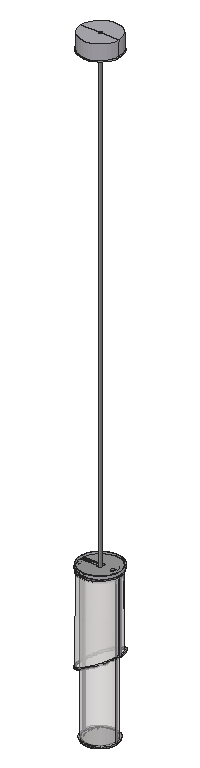
Revit family "Lighting - Lumetta - Pendant - P600", category Lighting Fixtures, host Ceiling, Revit 2015
Parameters
  Wattage = 11.7117 W
  built-in parameter 1150110 = 1 (stored number, unit not read)
  URL = "https://lumetta.com/luminaires/telescope-23-pendant/"
  Type Comments = "Telescope 23'' Pendant"  # constant formula
  built-in parameter 1114217 = 1 (stored number, unit not read)
  Top-Bottom Lens Radius [instance] = Fixture Radius - 0' 0 5/32"  # 0' - 2 29/32"
  Top Lens-Material [instance] = Acrylic - 2447 - White
  Top Lens [instance] = yes
  built-in parameter 1150109 = 1 (stored number, unit not read)
  built-in parameter 1150134 = (empty or 0)
  Suspension [instance] = 2
  built-in parameter 1150113 = 1 (stored number, unit not read)
  Stem Hung-ALL Lamping [instance] = Suspension = 4  # no
  P600 URL [instance] = "https://lumetta.com/luminaires/telescope-23-pendant/"
  Light Source Symbol Size = 0' - 1"
  Inner Diffuser Material [instance] = Shade - Lumetta - D61 - MT_White
  Fixture Radius [instance] = 0' - 3 1/16"
  Fixture Diameter [instance] = 2 * Fixture Radius  # 0' - 6 1/8"
  Coupling-Stems Over 60 inches [instance] = and([Stem Hung-ALL Lamping], Fixture Drop > 5' 0")  # no
  Model = "P600"  # constant formula
  Manufacturer = "Lumetta, Inc."  # constant formula
  Lumens = 1300 lm
  built-in parameter 1150115 = 1 (stored number, unit not read)
  built-in parameter 1150105 = 103.45 (stored number, unit not read)
  built-in parameter 1150137 = (empty or 0)
  built-in parameter 1150139 = (empty or 0)
  built-in parameter 1150112 = 1 (stored number, unit not read)
  built-in parameter 1150114 = 1 (stored number, unit not read)
  built-in parameter 1150132 = 1
  built-in parameter 1150102 = (empty or 0)
  built-in parameter 1150138 = (empty or 0)
  built-in parameter 1150107 = 3000 (stored number, unit not read)
  built-in parameter 1150106 = 1.0345 (stored number, unit not read)
  Frame Finish [instance] = Paint - Lumetta - F02 - PC_Chrome
  Fixture Height [instance] = 1' - 11"
  Fixture Drop [instance] = 6' - 0"
  built-in parameter 1150104 = 10.312 (stored number, unit not read)
  Dimming Lamp Color Temperature Shift = (empty or 0)
  Outer Diffuser Material [instance] = Shade - Lumetta - D61 - MT_White
  Description = "Telescope 23'' Pendant"  # constant formula
  Cord Hung-STD and 3-4 Wire CFL [instance] = or(Suspension = 1, Suspension = 3)  # no
  Cord Hung-3-4 Wire CFL [instance] = Suspension = 3  # no
  Cord Hung-ALL [instance] = not(Suspension = 4)  # yes
  Bottom Lens-Material [instance] = Acrylic - P95 - Etched White
  Bottom Lens [instance] = yes
  CRD-STM 3-4-Dim-LED [instance] = or([Cord Hung-LED], Suspension = 4)  # yes
  Cord Hung-STD [instance] = Suspension = 1  # no
  Cord Hung-LED [instance] = Suspension = 2  # yes
  Cord Color [instance] = Cord, Black
  Color Filter = 16777215
  built-in parameter 1114218 = 1 (stored number, unit not read)
  built-in parameter 1150133 = 10 (stored number, unit not read)
Reference planes (in)
  plane 1 "Light Source Axis (F/B)": y = 0
  plane 2 "Ceiling": z = 96
  plane 3 "Light Source Axis (L/R)": x = 0
  plane 4 "Light Source Elevation": z = 21.5
  plane 5 "Fixture-Top": z = 24
  plane 6 "Fixture-Radius": x = 3.0625
  plane 7 "Fixture-Height": z = 1
  plane 8: y = 0
  plane 9: x = 1.9375
  plane 10 "Outer BTM-Flat Plane": z = 10.44187
Forms (in)
  Revolve 1, solid, material "Paint - Lumetta - F02 - PC_Chrome" <- "Frame Finish", visible <- "Cord Hung-STD and 3-4 Wire CFL"
    sketch origin (0, 0, 0) x (1, 0, 0) y (0, 0, 1)
      loop
        line (0, 96) -> (0, 95.4375) -> (3, 95.4375) -> (3, 95.5) -> (2.87509, 95.5) -> (2.87509, 96) -> (0, 96)
      axis (0, 96) -> (0, 95.4375)
    angle from 0 to 360
  Extrusion 2, solid, material "Paint - Lumetta - F02 - PC_Chrome" <- "Frame Finish", visible <- "Stem Hung-ALL Lamping"
    sketch origin (0, 0, 24) x (0, -1, 0) y (-1, 0, 0)
      loop
        circle (0, 0) r 0.25
    from 0.05815 to -72
  Revolve 3, solid, material "Paint - Lumetta - F02 - PC_Chrome" <- "Frame Finish", visible <- "Coupling-Stems Over 60 inches"
    sketch origin (0, 0, 0) x (1, 0, 0) y (0, 0, 1)
      loop
        line (0, 86.53023) -> (0, 86) -> (0.26233, 86)
        arc (0.26233, 86) -> (0.31307, 86.05074) -> (0.26233, 86.10149) r 0.05074
        arc (0.26233, 86.10149) -> (0.29304, 86.26499) -> (0.26243, 86.42851) r 0.45126
        arc (0.26243, 86.42851) -> (0.31329, 86.47937) -> (0.26243, 86.53023) r 0.05086
        line (0.26243, 86.53023) -> (0, 86.53023)
      axis (0, 86.53023) -> (0, 86)
    angle from 0 to 360
  Revolve 4, solid, material "Paint - Lumetta - F02 - PC_Chrome" <- "Frame Finish", visible <- "Cord Hung-LED"
    sketch origin (0, 0, 0) x (1, 0, 0) y (0, 0, 1)
      loop
        line (0, 96) -> (0, 93.62498) -> (0.375, 93.62498) -> (0.375, 93.72) -> (3, 93.72) -> (3, 93.78) -> (2.875, 93.78) -> (2.875, 96) -> (0, 96)
      axis (0, 96) -> (0, 93.62498)
    angle from 0 to 360
  Extrusion 5, solid, material "Cord, Black" <- "Cord Color", visible <- "Cord Hung-ALL"
    sketch origin (0, 0, 24) x (0, -1, 0) y (1, 0, 0)
      loop
        circle (0, 0) r 0.15674
    from -0.56254 to 72
  Extrusion 6, solid, material "Paint - Lumetta - F02 - PC_Chrome" <- "Frame Finish"
    sketch origin (0, 0, 24) x (0, -1, 0) y (1, 0, 0)
      loop
        circle (0, 0) r 0.28281
      loop
        line (-2, -1.01186) -> (-1.875, -1.13686) -> (-1.17038, -1.13686)
        arc (-1.17038, -1.13686) -> (-1.06101, -1.16617) -> (-0.98094, -1.24624) r 0.21875
        line (-0.98094, -1.24624) -> (-0.4375, -2.1875) -> (0.4375, -2.1875) -> (0.98094, -1.24624)
        arc (0.98094, -1.24624) -> (1.06101, -1.16617) -> (1.17038, -1.13686) r 0.21875
        line (1.17038, -1.13686) -> (1.875, -1.13686) -> (2, -1.01186) -> (2, 1.01186) -> (1.875, 1.13686) -> (1.17038, 1.13686)
        arc (1.17038, 1.13686) -> (1.06101, 1.16617) -> (0.98094, 1.24624) r 0.21875
        line (0.98094, 1.24624) -> (0.4375, 2.1875) -> (-0.4375, 2.1875) -> (-0.97192, 1.26186)
        arc (-0.97192, 1.26186) -> (-1.06342, 1.17035) -> (-1.18842, 1.13686) r 0.25
        line (-1.18842, 1.13686) -> (-1.875, 1.13686) -> (-2, 1.01186) -> (-2, -1.01186)
      loop
        circle (0, 1.9375) r 0.07846
      loop
        circle (0, -1.9375) r 0.07846
    from -0.05815 to 0
  Revolve 7, solid, material "Paint - Lumetta - F02 - PC_Chrome" <- "Frame Finish", visible <- "Cord Hung-STD"
    sketch origin (0, 0, 0) x (1, 0, 0) y (0, 0, 1)
      loop
        line (0, 95.4375) -> (0, 94.87435) -> (0.28215, 94.87435) -> (0.37481, 95.4375) -> (0, 95.4375)
      axis (0, 95.4375) -> (0, 94.87435)
    angle from 0 to 360
  Revolve 8, solid, material "Paint - Lumetta - F02 - PC_Chrome" <- "Frame Finish", visible <- "CRD-STM 3-4-Dim-LED"
    sketch origin (0, 0, 0) x (1, 0, 0) y (0, 0, 1)
      loop
        line (1.9375, 93.72) -> (1.9375, 93.37095)
        arc (1.9375, 93.37095) -> (2.11821, 93.50953) -> (2.03125, 93.72) r 0.18712
        line (2.03125, 93.72) -> (1.9375, 93.72)
      axis (1.9375, 93.72) -> (1.9375, 93.37095)
    angle from 0 to 360
  Revolve 9, solid, material "Paint - Lumetta - F02 - PC_Chrome" <- "Frame Finish", visible <- "CRD-STM 3-4-Dim-LED"
    sketch origin (0, 0, 0) x (-1, 0, 0) y (0, 0, 1)
      loop
        line (1.9375, 93.72) -> (1.9375, 93.37095)
        arc (1.9375, 93.37095) -> (2.11821, 93.50953) -> (2.03125, 93.72) r 0.18712
        line (2.03125, 93.72) -> (1.9375, 93.72)
      axis (1.9375, 93.72) -> (1.9375, 93.37095)
    angle from 0 to 360
  Revolve 10, solid, material "Paint - Lumetta - F02 - PC_Chrome" <- "Frame Finish"
    sketch origin (0, 0, 0) x (1, 0, 0) y (0, 0, 1)
      loop
        circle (2.96875, 23.90625) r 0.09362
      axis (0, 23.90625) -> (0, 23.86688)
    angle from 0 to 360
  Revolve 11, solid, material "Paint - Lumetta - F02 - PC_Chrome" <- "Frame Finish"
    sketch origin (0, 0, 0) x (1, 0, 0) y (0, 0, 1)
      loop
        circle (2.46875, 1.09375) r 0.09376
      axis (0, 1.09375) -> (0, 1.05438)
    angle from 0 to 360
  Revolve 12, solid, material "Paint - Lumetta - F02 - PC_Chrome" <- "Frame Finish"
    sketch origin (0, 0, 0) x (1, 0, 0) y (0, 0, 1)
      loop
        line (2.5625, 24) -> (2.5625, 23.625) -> (2.625, 23.625) -> (2.625, 24) -> (2.5625, 24)
      axis (0, 24) -> (0, 23.625)
    angle from 0 to 360
  Extrusion 13, solid, material "Paint - Lumetta - F02 - PC_Chrome" <- "Frame Finish"
    sketch origin (0, 0, 24) x (0, -1, 0) y (1, 0, 0)
      loop
        line (-0.5, 1.71875) -> (0.5, 1.71875) -> (0.5, 2.92634)
        arc (0.5, 2.92634) -> (0, 2.96875) -> (-0.5, 2.92634) r 2.96875
        line (-0.5, 2.92634) -> (-0.5, 1.71875)
      loop
        circle (0, 1.9375) r 0.09375
      loop
        line (-0.5, -1.71875) -> (-0.5, -2.92634)
        arc (-0.5, -2.92634) -> (0, -2.96875) -> (0.5, -2.92634) r 2.96875
        line (0.5, -2.92634) -> (0.5, -1.71875) -> (-0.5, -1.71875)
      loop
        circle (0, -1.9375) r 0.09375
    from 0 to 0.07325
  Revolve 14, solid
    sketch origin (0, 0, 0) x (1, 0, 0) y (0, 0, 1)
      loop
        line (2.87576, 23.81519) -> (2.87576, 23.44019) -> (2.9375, 23.44019) -> (2.9375, 23.81519) -> (2.87576, 23.81519)
      axis (0, 23.81519) -> (0, 23.44019)
    angle from 0 to 360
  Extrusion 15, solid, material "Paint - Lumetta - F02 - PC_Chrome" <- "Frame Finish"
    sketch origin (0, 0, 24) x (0, -1, 0) y (1, 0, 0)
      loop
        circle (0, 2.96875) r 0.09459
    from -0.18481 to -10.88768
  Extrusion 16, solid, material "Paint - Lumetta - F02 - PC_Chrome" <- "Frame Finish"
    sketch origin (0, 0, 24) x (0, -1, 0) y (1, 0, 0)
      loop
        circle (0, -2.96875) r 0.09459
    from -0.18481 to -13.55813
  Blend 17, solid, material "Shade - Lumetta - D61 - MT_White" <- "Outer Diffuser Material"
    base sketch origin (0, 0, 10.44187) x (-1, 0, 0) y (0, -1, 0)
      loop
        spline (-2.87576, 0) -> (-2.77777, -0.80982) -> (-2.49048, -1.56445) -> (-2.03347, -2.21246) -> (-1.43788, -2.7097) -> (-0.7443, -3.02228) -> (0, -3.12889) -> (0.7443, -3.02228) -> (1.43788, -2.7097) -> (2.03347, -2.21246) -> (2.49048, -1.56445) -> (2.77777, -0.80982) -> (2.87576, 0)
        line (2.87576, 0) -> (2.84451, 0)
        spline (2.84451, 0) -> (2.74759, -0.80057) -> (2.46342, -1.54659) -> (2.01137, -2.18721) -> (1.42225, -2.67877) -> (0.73621, -2.98778) -> (0, -3.09318) -> (-0.73621, -2.98778) -> (-1.42225, -2.67877) -> (-2.01137, -2.18721) -> (-2.46342, -1.54659) -> (-2.74759, -0.80057) -> (-2.84451, 0)
        line (-2.84451, 0) -> (-2.87576, 0)
    top sketch origin (0, 0, 24) x (0, -1, 0) y (1, 0, 0)
      loop
        arc (0, 2.87576) -> (-2.87576, 0) -> (0, -2.87576) r 2.87576
        line (0, -2.87576) -> (0, -2.84451)
        arc (0, -2.84451) -> (-2.84451, 0) -> (0, 2.84451) r 2.84451
        line (0, 2.84451) -> (0, 2.87576)
    from -0.0812 to 0
  Blend 18, solid, material "Shade - Lumetta - D61 - MT_White" <- "Outer Diffuser Material"
    base sketch origin (0, 0, 10.44187) x (-1, 0, 0) y (0, -1, 0)
      loop
        line (-2.87576, 0) -> (-2.84451, 0)
        spline (-2.84451, 0) -> (-2.74759, 0.80057) -> (-2.46342, 1.54659) -> (-2.01137, 2.18721) -> (-1.42225, 2.67877) -> (-0.73621, 2.98778) -> (0, 3.09318) -> (0.73621, 2.98778) -> (1.42225, 2.67877) -> (2.01137, 2.18721) -> (2.46342, 1.54659) -> (2.74759, 0.80057) -> (2.84451, 0)
        line (2.84451, 0) -> (2.87576, 0)
        spline (2.87576, 0) -> (2.77777, 0.80982) -> (2.49048, 1.56445) -> (2.03347, 2.21246) -> (1.43788, 2.7097) -> (0.7443, 3.02228) -> (0, 3.12889) -> (-0.7443, 3.02228) -> (-1.43788, 2.7097) -> (-2.03347, 2.21246) -> (-2.49048, 1.56445) -> (-2.77777, 0.80982) -> (-2.87576, 0)
    top sketch origin (0, 0, 24) x (0, 1, 0) y (-1, 0, 0)
      loop
        line (0, -2.87576) -> (0, -2.84451)
        arc (0, -2.84451) -> (-2.84451, 0) -> (0, 2.84451) r 2.84451
        line (0, 2.84451) -> (0, 2.87576)
        arc (0, 2.87576) -> (-2.87576, 0) -> (0, -2.87576) r 2.87576
    from -0.0812 to 0
  Revolve 19, solid, material "Paint - Lumetta - F02 - PC_Chrome" <- "Frame Finish", visible <- "Stem Hung-ALL Lamping"
    sketch origin (0, 0, 0) x (1, 0, 0) y (0, 0, 1)
      loop
        line (0, 96.0012) -> (0, 93.40625) -> (0.34988, 93.40625)
        arc (0.34988, 93.40625) -> (0.49124, 93.54417) -> (0.58115, 93.72) r 0.61026
        line (0.58115, 93.72) -> (3, 93.72) -> (3, 93.78) -> (2.875, 93.78) -> (2.875, 96.0012) -> (0, 96.0012)
      axis (0, 96.0012) -> (0, 93.40625)
    angle from 0 to 360
  Extrusion 20, solid, material "Paint - Lumetta - F02 - PC_Chrome" <- "Frame Finish", visible <- "Bottom Lens"
    sketch origin (0, 0, 1) x (0, -1, 0) y (1, 0, 0)
      loop
        circle (0, 0) r 2.5
      loop
        circle (0, 0) r 2
    from 0 to -0.04871
  Extrusion 21, solid, material "Acrylic - P95 - Etched White" <- "Bottom Lens-Material", visible <- "Bottom Lens"
    sketch origin (0, 0, 1) x (0, -1, 0) y (1, 0, 0)
      loop
        circle (0, 0) r 2.25
    from 0 to 0.125
  Extrusion 22, solid, material "Paint - Lumetta - F02 - PC_Chrome" <- "Frame Finish", visible <- "Top Lens"
    sketch origin (0, 0, 24) x (0, -1, 0) y (1, 0, 0)
      loop
        circle (0, 0) r 3.02731
      loop
        circle (0, 0) r 2.96481
    from 0 to 0.38755
  Extrusion 23, solid, material "Acrylic - 2447 - White" <- "Top Lens-Material", visible <- "Top Lens"
    sketch origin (0, 0, 24) x (0, -1, 0) y (1, 0, 0)
      loop
        arc (-0.45716, -2.87007) -> (-0.35636, -2.84171) -> (-0.3125, -2.74662) r 0.125
        line (-0.3125, -2.74662) -> (-0.3125, -0.44634)
        arc (-0.3125, -0.44634) -> (-0.32226, -0.39793) -> (-0.35, -0.35707) r 0.125
        arc (-0.35, -0.35707) -> (0, 0.5) -> (0.35, -0.35707) r 0.5
        arc (0.35, -0.35707) -> (0.32226, -0.39793) -> (0.3125, -0.44634) r 0.125
        line (0.3125, -0.44634) -> (0.3125, -2.74662)
        arc (0.3125, -2.74662) -> (0.35636, -2.84171) -> (0.45716, -2.87007) r 0.125
        arc (0.45716, -2.87007) -> (0, 2.90625) -> (-0.45716, -2.87007) r 2.90625
      loop
        circle (0, 1.9375) r 0.3125
    from 0.07325 to 0.18932
  Extrusion 24, void
    sketch origin (0, 0, 0) x (1, 0, 0) y (0, 0, 1)
      loop
        line (2.9375, 13.00392) -> (-2.93829, 10.36122) -> (-2.93829, 10.15091) -> (2.9375, 10.15091) -> (2.9375, 13.00392)
    from -4.51244 to 4.1151
  Extrusion 25, solid, material "Paint - Lumetta - F02 - PC_Chrome" <- "Frame Finish"
    sketch origin (0, 0, 24) x (0, -1, 0) y (1, 0, 0)
      loop
        circle (0, 2.46875) r 0.09359
      loop
        circle (0, -2.46875) r 0.09359
    from -22.81159 to 0
  Revolve 26, solid, material "Shade - Lumetta - D61 - MT_White" <- "Inner Diffuser Material"
    sketch origin (0, 0, 0) x (1, 0, 0) y (0, 0, 1)
      loop
        line (2.375, 1.0625) -> (2.375, 24) -> (2.34375, 24) -> (2.34375, 1.0625) -> (2.375, 1.0625)
      axis (0, 24) -> (0, 1.0625)
    angle from 0 to 360
  Revolve 27, solid, material "Paint - Lumetta - F02 - PC_Chrome" <- "Frame Finish"
    sketch origin (0, 0, 0) x (1, 0, 0) y (0, 0, 1)
      loop
        circle (2.96875, 13.01857) r 0.09282
      axis (0.01945, 11.73384) -> (0.05069, 11.66439)
    angle from 0 to 360
  Revolve 28, solid, material "Paint - Lumetta - F02 - PC_Chrome" <- "Frame Finish", visible <- "Cord Hung-3-4 Wire CFL"
    sketch origin (0, 0, 1.7175) x (1, 0, 0) y (0, 0, 1)
      loop
        line (1.9375, 93.72) -> (1.9375, 93.37095)
        arc (1.9375, 93.37095) -> (2.11821, 93.50953) -> (2.03125, 93.72) r 0.18712
        line (2.03125, 93.72) -> (1.9375, 93.72)
      axis (1.9375, 93.72) -> (1.9375, 93.37095)
    angle from 0 to 360
  Revolve 29, solid, material "Paint - Lumetta - F02 - PC_Chrome" <- "Frame Finish", visible <- "Cord Hung-3-4 Wire CFL"
    sketch origin (0, 0, 1.7175) x (-1, 0, 0) y (0, 0, 1)
      loop
        line (1.9375, 93.72) -> (1.9375, 93.37095)
        arc (1.9375, 93.37095) -> (2.11821, 93.50953) -> (2.03125, 93.72) r 0.18712
        line (2.03125, 93.72) -> (1.9375, 93.72)
      axis (1.9375, 93.72) -> (1.9375, 93.37095)
    angle from 0 to 360
  Revolve 30, solid, material "Paint - Lumetta - F02 - PC_Chrome" <- "Frame Finish", visible <- "Cord Hung-3-4 Wire CFL"
    sketch origin (0, 0, 0) x (1, 0, 0) y (0, 0, 1)
      loop
        line (0.375, 95.4375) -> (0, 95.4375) -> (0, 95.34248) -> (0.375, 95.34248) -> (0.375, 95.4375)
      axis (0, 95.4375) -> (0, 95.34248)
    angle from 0 to 360
Cuts and joins
  Extrusion 24 cuts Blend 17
  Extrusion 24 cuts Blend 18
  joined: Blend 17, Blend 18
Lines and regions (in)
  reference lines
    curve 1: line (2.96875, 0, 13.11232) -> (-2.96875, 0, 10.44187)
    curve 2: line (-1.33522, 0, 14.74584) -> (1.33522, 0, 8.80834)
Dimensions and locks (in)
  equal spacing: host sketch curve, plane 3 "Light Source Axis (L/R)", host sketch curve
  equal spacing: host sketch curve, plane 1 "Light Source Axis (F/B)", host sketch curve
  host sketch curve to host sketch curve = 10' - 0"  (x2)
  "Fixture Drop": plane 2 "Ceiling" to plane 5 "Fixture-Top"
  locked: plane 5 "Fixture-Top" to plane 4 "Light Source Elevation" at 2.5
  "Fixture Radius": plane 6 "Fixture-Radius" to plane 3 "Light Source Axis (L/R)"
  "Fixture Height": plane 5 "Fixture-Top" to plane 7 "Fixture-Height"
  locked: Extrusion 2 sketch curve to imposter light
  locked: Extrusion 2 sketch curve to imposter light at 0
  Revolve 3 sketch curve to Revolve 3 sketch curve = 0' - 0.15822"
  locked: Revolve 3 sketch curve to Revolve 3 sketch curve at 0.53023
  locked: Revolve 3 sketch curve to Revolve 3 sketch curve at 0.26243
  locked: Revolve 3 sketch curve to Revolve 3 sketch curve at 0.26233
  locked: Revolve 3 sketch curve to Revolve 3 sketch curve at 0.05074
  locked: Revolve 3 sketch curve to Revolve 3 sketch curve at 0.47937
  locked: Revolve 3 sketch curve to Revolve 3 sketch curve at 0.26512
  locked: Revolve 1 sketch curve to Revolve 1 sketch curve at 0.0625
  locked: host ceiling to Revolve 1 sketch curve at 0.5625
  locked: Revolve 1 sketch curve to Revolve 1 sketch curve at 0.5625
  Revolve 1 sketch curve to Revolve 1 sketch curve = 0' - 2.87509"
  locked: Revolve 1 sketch curve to Revolve 1 sketch curve at 3
  locked: Revolve 1 sketch curve to Revolve 1 sketch curve at 2.87509
  locked: Revolve 7 sketch curve to Revolve 7 sketch curve at 0.37481
  locked: Revolve 7 sketch curve to Revolve 7 sketch curve at 0.28215
  locked: Revolve 1 to Revolve 7 sketch curve at 0.56315
  locked: Revolve 4 to Revolve 8 sketch curve at 0.16194
  locked: plane 6 "Fixture-Radius" to Revolve 10 sketch curve at 0.09375
  locked: plane 5 "Fixture-Top" to Revolve 10 sketch curve at 0.09375
  locked: Revolve 11 sketch curve to plane 7 "Fixture-Height" at 0.09375
  locked: Revolve 12 sketch curve to Revolve 12 sketch curve at 0.0625
  locked: Revolve 12 sketch curve to Revolve 12 sketch curve at 0.375
  locked: Revolve 12 sketch curve to plane 6 "Fixture-Radius" at 0.4375
  equal spacing: Extrusion 13 sketch curve, plane 8, Extrusion 13 sketch curve  (x2)
  locked: plane 3 "Light Source Axis (L/R)" to Extrusion 13 sketch curve at 1.9375
  Extrusion 13 sketch curve to Extrusion 13 sketch curve = 0' - 1"
  locked: Extrusion 13 sketch curve to plane 3 "Light Source Axis (L/R)" at 0  (x2)
  locked: Extrusion 13 sketch curve to plane 3 "Light Source Axis (L/R)" at 1.9375
  locked: Extrusion 13 to plane 5 "Fixture-Top" at 0.07325
  locked: plane 8 to Extrusion 6 sketch curve at 2
  locked: Extrusion 6 sketch curve to Extrusion 6 sketch curve at 4
  locked: plane 3 "Light Source Axis (L/R)" to Extrusion 6 sketch curve at 2.1875
  locked: plane 3 "Light Source Axis (L/R)" to Extrusion 6 sketch curve at 1.9375
  Extrusion 6 sketch curve to Extrusion 6 sketch curve = 0' - 0 1/8"
  locked: Extrusion 6 sketch curve to Extrusion 6 sketch curve at 0.125  (x3)
  locked: plane 5 "Fixture-Top" to Extrusion 6 at 0.05815
  locked: Revolve 14 sketch curve to Revolve 14 sketch curve at 0.06174
  locked: Revolve 14 sketch curve to Revolve 14 sketch curve at 0.375
  locked: plane 5 "Fixture-Top" to Revolve 14 sketch curve at 0.18481
  plane 3 "Light Source Axis (L/R)" to Extrusion 15 sketch curve = 0' - 2 31/32"
  locked: Extrusion 15 to Extrusion 15 at 10.70288
  locked: Revolve 19 sketch curve to Revolve 19 sketch curve at 2.875
  locked: Revolve 19 sketch curve to Revolve 19 sketch curve at 0.31375
  locked: Revolve 4 sketch curve to Revolve 4 sketch curve at 0.375
  locked: Revolve 4 sketch curve to Revolve 4 sketch curve at 0.09502
  locked: plane 7 "Fixture-Height" to Extrusion 20 at 0.04871
  locked: Extrusion 21 to plane 7 "Fixture-Height" at 0.125
  locked: Extrusion 22 to plane 5 "Fixture-Top" at 0.38755
  locked: plane 3 "Light Source Axis (L/R)" to Extrusion 23 sketch curve at 1.9375
  locked: Extrusion 23 to plane 5 "Fixture-Top" at 0.18932
  locked: plane 2 "Ceiling" to Revolve 19 sketch curve at 2.28
  locked: Revolve 19 sketch curve to plane 3 "Light Source Axis (L/R)" at 0
  locked: Revolve 19 sketch curve to plane 2 "Ceiling" at 0.0012
  locked: plane 5 "Fixture-Top" to Extrusion 16 at 13.55813
  locked: plane 5 "Fixture-Top" to plane 10 "Outer BTM-Flat Plane" at 13.55813
  locked: Revolve 4 sketch curve to plane 2 "Ceiling" at 0
  locked: plane 3 "Light Source Axis (L/R)" to Extrusion 24 sketch curve at 2.9375
  locked: Extrusion 24 sketch curve to plane 3 "Light Source Axis (L/R)" at 2.93829
  locked: plane 10 "Outer BTM-Flat Plane" to Extrusion 24 sketch curve at 0.29095
  locked: curve 1 to cut or joined group of Blend 17, Blend 18, Extrusion 24 at 0.08604
  locked: plane 3 "Light Source Axis (L/R)" to Extrusion 25 sketch curve at 2.46875
  locked: Extrusion 25 sketch curve to plane 3 "Light Source Axis (L/R)" at 2.46875
  locked: Revolve 11 sketch curve to plane 3 "Light Source Axis (L/R)" at 2.46875
  locked: Extrusion 25 to plane 7 "Fixture-Height" at 0.18841
  locked: plane 3 "Light Source Axis (L/R)" to Revolve 26 sketch curve at 2.375
  locked: Revolve 26 sketch curve to Revolve 26 sketch curve at 0.03125
  locked: Revolve 26 sketch curve to plane 7 "Fixture-Height" at 0.0625
  locked: Extrusion 15 to Revolve 27 sketch curve at 0.09375
  locked: plane 6 "Fixture-Radius" to Revolve 27 sketch curve at 0.09375
  diameter of Extrusion 23 sketch curve = 0' - 5 13/16"
  aligned and locked: plane 3 "Light Source Axis (L/R)" to imposter light
  aligned and locked: plane 1 "Light Source Axis (F/B)" to imposter light
  aligned and locked: plane 4 "Light Source Elevation" to imposter light
  aligned and locked: Revolve 3 sketch curve to Revolve 3 sketch curve  (x2)
  aligned and locked: host ceiling to Extrusion 2
  aligned and locked: host ceiling to Extrusion 5
  aligned and locked: Extrusion 6 to Extrusion 2
  aligned and locked: Revolve 8 sketch curve to plane 9
  aligned and locked: Revolve 11 sketch curve to plane 3 "Light Source Axis (L/R)"
  aligned and locked: Revolve 12 sketch curve to plane 3 "Light Source Axis (L/R)"
  aligned and locked: plane 5 "Fixture-Top" to Extrusion 13
  aligned and locked: Extrusion 6 to plane 5 "Fixture-Top"
  aligned and locked: Revolve 14 sketch curve to plane 3 "Light Source Axis (L/R)"
  aligned and locked: Revolve 14 to Extrusion 15
  aligned and locked: Blend 17 to plane 5 "Fixture-Top"
  aligned and locked: Extrusion 20 to plane 7 "Fixture-Height"
  aligned and locked: plane 7 "Fixture-Height" to Extrusion 21
  aligned and locked: plane 5 "Fixture-Top" to Extrusion 22
  aligned and locked: Extrusion 23 to Extrusion 13
  aligned and locked: curve 1 to Extrusion 15
  aligned and locked: curve 1 to Extrusion 16
  aligned and locked: Extrusion 25 to plane 5 "Fixture-Top"
  aligned and locked: plane 5 "Fixture-Top" to Revolve 26 sketch curve
  aligned and locked: Revolve 26 sketch curve to plane 3 "Light Source Axis (L/R)"
  aligned and locked: Revolve 27 sketch curve to curve 2  (x2)
  aligned and locked: Revolve 30 sketch curve to plane 3 "Light Source Axis (L/R)"
Automatic sketch dimensions
  Revolve 1 sketch curve to plane 3 "Light Source Axis (L/R)" = 0' - 0"  (x2)
  Revolve 1 sketch curve to plane 5 "Fixture-Top" = 0' - 1 1/4"
  plane 2 "Ceiling" to Revolve 1 sketch curve = 0' - 9 3/4"
  Revolve 3 sketch curve to plane 3 "Light Source Axis (L/R)" = 0' - 0"
  Revolve 3 sketch curve to plane 2 "Ceiling" = 0' - 10"
  Revolve 3 sketch curve to Revolve 3 sketch curve = 0' - 11.34317"
  Revolve 4 sketch curve to plane 3 "Light Source Axis (L/R)" = 0' - 0"  (x2)
  Revolve 4 sketch curve to plane 6 "Fixture-Radius" = 0' - 0 3/16"
  Revolve 4 sketch curve to plane 6 "Fixture-Radius" = 0' - 0 1/16"
  Revolve 4 sketch curve to plane 2 "Ceiling" = 0' - 2.22"
  Revolve 4 sketch curve to Revolve 4 sketch curve = 0' - 0.06"
  plane 2 "Ceiling" to Revolve 4 sketch curve = 0' - 1 3/4"
  Revolve 4 sketch curve to Revolve 4 sketch curve = 0' - 2 1/2"
  plane 1 "Light Source Axis (F/B)" to Extrusion 5 sketch curve = 0' - 0"
  Extrusion 5 sketch curve to plane 3 "Light Source Axis (L/R)" = 0' - 0"
  plane 1 "Light Source Axis (F/B)" to Extrusion 6 sketch curve = 0' - 0"  (x3)
  Extrusion 6 sketch curve to plane 3 "Light Source Axis (L/R)" = 0' - 0"
  Extrusion 6 sketch curve to Extrusion 6 sketch curve = 0' - 0 1/8"  (x4)
  Extrusion 6 sketch curve to plane 9 = 0' - 0.80064"  (x2)
  Extrusion 6 sketch curve to Extrusion 6 sketch curve = 0' - 0.68658"
  Extrusion 6 sketch curve to Extrusion 6 sketch curve = 0' - 0.70462"
  Extrusion 6 sketch curve to Extrusion 6 sketch curve = 0' - 0.18944"  (x3)
  Extrusion 6 sketch curve to plane 9 = 0' - 0.67564"
  Extrusion 6 sketch curve to Extrusion 6 sketch curve = 0' - 0.21651"
  Extrusion 6 sketch curve to plane 1 "Light Source Axis (F/B)" = 0' - 0 7/16"  (x2)
  plane 1 "Light Source Axis (F/B)" to Extrusion 6 sketch curve = 0' - 0 7/16"  (x2)
  plane 1 "Light Source Axis (F/B)" to Extrusion 6 sketch curve = 0' - 0.98094"  (x2)
  Extrusion 6 sketch curve to plane 3 "Light Source Axis (L/R)" = 0' - 1.01186"  (x2)
  Extrusion 6 sketch curve to Extrusion 6 sketch curve = 0' - 0 7/64"  (x3)
  Extrusion 6 sketch curve to Extrusion 6 sketch curve = 0' - 0.69126"
  Extrusion 6 sketch curve to Extrusion 6 sketch curve = 0' - 0 1/4"
  Revolve 7 sketch curve to plane 3 "Light Source Axis (L/R)" = 0' - 0"  (x2)
  Revolve 7 sketch curve to plane 2 "Ceiling" = 0' - 0 9/16"
  Revolve 7 sketch curve to Revolve 7 sketch curve = 0' - 1.18685"
  plane 2 "Ceiling" to Revolve 7 sketch curve = 0' - 6 11/16"
  Revolve 8 sketch curve to plane 9 = 0' - 0"
  plane 9 to Revolve 8 sketch curve = 0' - 0 3/32"
  Revolve 8 sketch curve to Revolve 8 sketch curve = 0' - 0.18712"
  Revolve 8 sketch curve to Revolve 8 sketch curve = 0' - 1.15095"
  plane 2 "Ceiling" to Revolve 8 sketch curve = 0' - 0.72"
  plane 3 "Light Source Axis (L/R)" to Revolve 9 sketch curve = 0' - 1 15/16"
  Revolve 9 sketch curve to Revolve 9 sketch curve = 0' - 0 3/32"
  plane 2 "Ceiling" to Revolve 9 sketch curve = 0' - 2.62905"
  Revolve 9 sketch curve to Revolve 9 sketch curve = 0' - 0.18712"
  Revolve 9 sketch curve to Revolve 9 sketch curve = 0' - 0"
  Revolve 9 sketch curve to Revolve 9 sketch curve = 0' - 1.15095"
  Revolve 9 sketch curve to plane 2 "Ceiling" = 0' - 0.72"
  Revolve 10 sketch curve to plane 3 "Light Source Axis (L/R)" = 0' - 0"
  Revolve 10 sketch curve to plane 4 "Light Source Elevation" = 0' - 0 1/2"
  Revolve 10 sketch curve to plane 5 "Fixture-Top" = 0' - 2 1/2"
  level to Revolve 11 sketch curve = 0' - 0 3/4"
  Revolve 11 sketch curve to plane 7 "Fixture-Height" = 0' - 2 3/4"
  Revolve 12 sketch curve to plane 5 "Fixture-Top" = 0' - 0"
  Revolve 12 sketch curve to plane 4 "Light Source Elevation" = 0' - 0 3/4"
  Revolve 12 sketch curve to plane 5 "Fixture-Top" = 0' - 2"
  Extrusion 13 sketch curve to Extrusion 13 sketch curve = 0' - 0"
  plane 1 "Light Source Axis (F/B)" to Extrusion 13 sketch curve = 0' - 0"  (x3)
  Extrusion 13 sketch curve to plane 1 "Light Source Axis (F/B)" = 0' - 0 1/2"  (x2)
  Extrusion 13 sketch curve to plane 9 = 0' - 0 7/32"
  Extrusion 13 sketch curve to Extrusion 13 sketch curve = 0' - 0.98884"
  Extrusion 13 sketch curve to Extrusion 13 sketch curve = 0' - 0 7/32"
  Extrusion 13 sketch curve to plane 6 "Fixture-Radius" = 0' - 0.13616"
  Revolve 14 sketch curve to plane 6 "Fixture-Radius" = 0' - 0.18674"
  Revolve 14 sketch curve to plane 4 "Light Source Elevation" = 0' - 1.1432"
  Revolve 14 sketch curve to plane 5 "Fixture-Top" = 0' - 0.3932"
  plane 1 "Light Source Axis (F/B)" to Extrusion 15 sketch curve = 0' - 0"
  plane 1 "Light Source Axis (F/B)" to Extrusion 16 sketch curve = 0' - 0"
  plane 3 "Light Source Axis (L/R)" to Extrusion 16 sketch curve = 0' - 2 31/32"
  curve 1 to plane 10 "Outer BTM-Flat Plane" = 0' - 0"
  curve 1 to plane 3 "Light Source Axis (L/R)" = 0' - 2 31/32"
  curve 2 to plane 3 "Light Source Axis (L/R)" = 0' - 1.33522"
  curve 2 to plane 9 = 0' - 0.60228"
  curve 1 to plane 6 "Fixture-Radius" = 0' - 0 3/32"
  curve 2 to plane 10 "Outer BTM-Flat Plane" = 0' - 1.63353"
  plane 10 "Outer BTM-Flat Plane" to curve 1 = 0' - 2.67045"
  plane 10 "Outer BTM-Flat Plane" to curve 2 = 0' - 4.30397"
  plane 1 "Light Source Axis (F/B)" to Blend 17 sketch curve = 0' - 0"  (x2)
  Blend 17 sketch curve to plane 3 "Light Source Axis (L/R)" = 0' - 0"  (x3)
  Blend 17 sketch curve to plane 6 "Fixture-Radius" = 0' - 0.21799"
  Blend 17 sketch curve to Blend 17 sketch curve = 0' - 0 1/32"  (x2)
  Blend 17 sketch curve to Blend 17 sketch curve = 0' - 0"  (x2)
  Blend 17 sketch curve to plane 3 "Light Source Axis (L/R)" = 0' - 2.84451"
  plane 1 "Light Source Axis (F/B)" to Blend 18 sketch curve = 0' - 0"  (x2)
  Blend 18 sketch curve to plane 3 "Light Source Axis (L/R)" = 0' - 0"  (x3)
  plane 6 "Fixture-Radius" to Blend 18 sketch curve = 0' - 0.21799"
  Blend 18 sketch curve to Blend 18 sketch curve = 0' - 0 1/32"  (x2)
  Blend 18 sketch curve to Blend 18 sketch curve = 0' - 0"  (x2)
  plane 3 "Light Source Axis (L/R)" to Blend 18 sketch curve = 0' - 2.84451"
  Revolve 19 sketch curve to plane 3 "Light Source Axis (L/R)" = 0' - 0"  (x2)
  Revolve 19 sketch curve to Revolve 19 sketch curve = 0' - 0.34988"
  Revolve 19 sketch curve to Revolve 19 sketch curve = 0' - 0.23126"
  Revolve 19 sketch curve to plane 6 "Fixture-Radius" = 0' - 0 1/16"
  Revolve 19 sketch curve to Revolve 19 sketch curve = 0' - 0.06"
  Revolve 19 sketch curve to Revolve 19 sketch curve = 0' - 1.7488"
  Revolve 19 sketch curve to Revolve 19 sketch curve = 0' - 2 1/2"
  Extrusion 20 sketch curve to Extrusion 20 sketch curve = 0' - 0"  (x2)
  plane 1 "Light Source Axis (F/B)" to Extrusion 20 sketch curve = 0' - 0"
  Extrusion 20 sketch curve to plane 3 "Light Source Axis (L/R)" = 0' - 0"
  plane 1 "Light Source Axis (F/B)" to Extrusion 21 sketch curve = 0' - 0"
  Extrusion 21 sketch curve to plane 3 "Light Source Axis (L/R)" = 0' - 0"
  Extrusion 22 sketch curve to Extrusion 22 sketch curve = 0' - 0"  (x2)
  plane 1 "Light Source Axis (F/B)" to Extrusion 22 sketch curve = 0' - 0"
  Extrusion 22 sketch curve to plane 3 "Light Source Axis (L/R)" = 0' - 0"
  Extrusion 23 sketch curve to Extrusion 23 sketch curve = 0' - 0"  (x4)
  plane 1 "Light Source Axis (F/B)" to Extrusion 23 sketch curve = 0' - 0"  (x2)
  Extrusion 23 sketch curve to plane 3 "Light Source Axis (L/R)" = 0' - 0"
  Extrusion 23 sketch curve to plane 1 "Light Source Axis (F/B)" = 0' - 0 5/16"
  Extrusion 23 sketch curve to Extrusion 23 sketch curve = 0' - 0 1/8"  (x4)
  plane 1 "Light Source Axis (F/B)" to Extrusion 23 sketch curve = 0' - 0 5/16"
  Extrusion 23 sketch curve to plane 3 "Light Source Axis (L/R)" = 0' - 0.44634"  (x2)
  Extrusion 23 sketch curve to Extrusion 23 sketch curve = 0' - 2.30029"
  Extrusion 24 sketch curve to plane 10 "Outer BTM-Flat Plane" = 0' - 0.08064"
  plane 10 "Outer BTM-Flat Plane" to Extrusion 24 sketch curve = 0' - 2.56205"
  plane 1 "Light Source Axis (F/B)" to Extrusion 25 sketch curve = 0' - 0"  (x2)
  Revolve 26 sketch curve to plane 7 "Fixture-Height" = 0' - 1 1/16"
  Revolve 26 sketch curve to plane 10 "Outer BTM-Flat Plane" = 0' - 0.87937"
  Revolve 27 sketch curve to plane 9 = 0' - 0.60228"
  Revolve 28 sketch curve to plane 9 = 0' - 0"  (x2)
  plane 9 to Revolve 28 sketch curve = 0' - 0 3/32"
  Revolve 28 sketch curve to plane 2 "Ceiling" = 0' - 0.91155"
  Revolve 28 sketch curve to Revolve 28 sketch curve = 0' - 0.18712"
  Revolve 28 sketch curve to Revolve 28 sketch curve = 0' - 1.15095"
  plane 2 "Ceiling" to Revolve 28 sketch curve = 0' - 2 7/16"
  plane 2 "Ceiling" to Revolve 29 sketch curve = 0' - 0 9/16"
  plane 3 "Light Source Axis (L/R)" to Revolve 29 sketch curve = 0' - 1 15/16"
  Revolve 29 sketch curve to Revolve 29 sketch curve = 0' - 0 3/32"
  Revolve 29 sketch curve to Revolve 29 sketch curve = 0' - 0.16194"
  Revolve 29 sketch curve to Revolve 29 sketch curve = 0' - 0"
  Revolve 29 sketch curve to Revolve 29 sketch curve = 0' - 1.15095"
  Revolve 29 sketch curve to plane 2 "Ceiling" = 0' - 2 7/16"
  Revolve 30 sketch curve to plane 3 "Light Source Axis (L/R)" = 0' - 0"
  Revolve 30 sketch curve to Revolve 30 sketch curve = 0' - 0 3/8"
  Revolve 30 sketch curve to plane 2 "Ceiling" = 0' - 0.65752"
  Revolve 30 sketch curve to Revolve 30 sketch curve = 0' - 0.09502"
  Revolve 30 sketch curve to Revolve 30 sketch curve = 0' - 0.25788"
  Revolve 30 sketch curve to plane 2 "Ceiling" = 0' - 0.10214"
  radius of Extrusion 2 sketch curve = 0' - 0 1/4"
  radius of Extrusion 5 sketch curve = 0' - 0.15674"
  radius of Extrusion 6 sketch curve = 0' - 0.28281"
  radius of Extrusion 6 sketch curve = 0' - 0.07846"  (x2)
  radius of Revolve 10 sketch curve = 0' - 0.09362"
  radius of Revolve 11 sketch curve = 0' - 0 3/32"
  radius of Extrusion 13 sketch curve = 0' - 0 3/32"  (x2)
  radius of Extrusion 15 sketch curve = 0' - 0.09459"
  radius of Extrusion 16 sketch curve = 0' - 0.09459"
  radius of Extrusion 20 sketch curve = 0' - 2 1/2"
  radius of Extrusion 20 sketch curve = 0' - 2"
  radius of Extrusion 21 sketch curve = 0' - 2 1/4"
  radius of Extrusion 22 sketch curve = 0' - 3.02731"
  radius of Extrusion 22 sketch curve = 0' - 2.96481"
  radius of Extrusion 23 sketch curve = 0' - 0 5/16"
  radius of Extrusion 25 sketch curve = 0' - 0.09359"  (x2)
  radius of Revolve 27 sketch curve = 0' - 0.09282"
